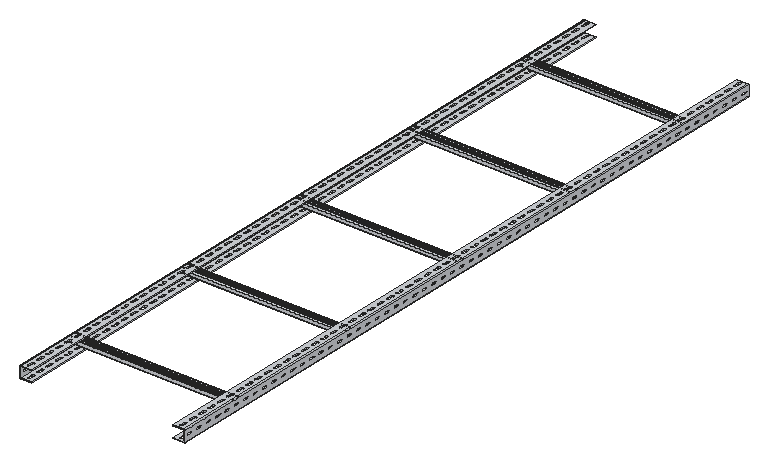
Revit family "steigeleiter_7_FT_FTSO_FTK_A2_A4.700rfa", category Generic Models, Revit 2017
Family settings
  Can host rebar = No
  Round Connector Dimension = Use Diameter
  Part Type = Normal
  Work Plane-Based = No
  Always vertical = Yes
  Cut with Voids When Loaded = No
  Shared = No
  Room Calculation Point = No
Parameters (values of type "SLM 50 C40 7 FT")
  Width 1 = Width / 2  # 350 mm
  Width = 700 mm
  URL = "http://www.obo-bettermann.com"
  Material = Hot-dip galvanised
  Manufacturer Art.No. = "6010512"
  Manufacturer = "OBO BETTERMANN"
  Length 2 = 273.5 mm
  Length = 3000 mm
  GTIN = "4012196168798"
  Cut's space 2 = 600 mm
  Cut's space = 50 mm
  Cut's number 2 = 5
  Cut's number = Length / Cut's space  # 60
  Article Type = "SLM 50 C40 7 FT"
Reference planes
  plane 1 "Center (Front/Back)": y = 0
  plane 2: z = 0
  plane 3 "Center (Left/Right)": x = 0
  plane 4: z = 50
  plane 5: y = 3000
  plane 6: x = 350
  plane 7: x = -347.5
  plane 8: x = -355
  plane 9: y = 273.5
Forms (mm)
  Extrusion 1, solid
    sketch origin (0, 0, 0) x (1, 0, 0) y (0, 0, 1)
      loop
        arc (-346, 2.5) -> (-347.061, 2.939) -> (-347.5, 4) r 1.5
        line (-347.5, 4) -> (-347.5, 46.396)
        arc (-347.5, 46.396) -> (-347.177, 47.177) -> (-346.396, 47.5) r 1.104
        line (-346.396, 47.5) -> (-300, 47.5) -> (-300, 50) -> (-347, 50)
        arc (-347, 50) -> (-349.121, 49.121) -> (-350, 47) r 3
        line (-350, 47) -> (-350, 3)
        arc (-350, 3) -> (-349.121, 0.879) -> (-347, 0) r 3
        line (-347, 0) -> (-300, 0) -> (-300, 2.5) -> (-346, 2.5)
      loop
        line (300, 50) -> (300, 47.5) -> (346, 47.5)
        arc (346, 47.5) -> (347.061, 47.061) -> (347.5, 46) r 1.5
        line (347.5, 46) -> (347.5, 4)
        arc (347.5, 4) -> (347.061, 2.939) -> (346, 2.5) r 1.5
        line (346, 2.5) -> (300, 2.5) -> (300, 0) -> (349.273, 0)
        arc (349.273, 0) -> (349.787, 0.213) -> (350, 0.727) r 0.727
        line (350, 0.727) -> (350, 47.011)
        arc (350, 47.011) -> (349.124, 49.124) -> (347.011, 50) r 2.989
        line (347.011, 50) -> (300, 50)
    from 0 to -3000
  Extrusion 2, void
    sketch origin (0, 0, 0) x (1, 0, 0) y (0, 1, 0)
      loop
        arc (-330.5, 15.5) -> (-325, 10) -> (-319.5, 15.5) r 5.5
        line (-319.5, 15.5) -> (-319.5, 34.5)
        arc (-319.5, 34.5) -> (-325, 40) -> (-330.5, 34.5) r 5.5
        line (-330.5, 34.5) -> (-330.5, 15.5)
    from 47.5 to 50
  Extrusion 3, void
    sketch origin (0, 50, 0) x (1, 0, 0) y (0, 1, 0)
      loop
        arc (-330.5, 15.5) -> (-325, 10) -> (-319.5, 15.5) r 5.5
        line (-319.5, 15.5) -> (-319.5, 34.5)
        arc (-319.5, 34.5) -> (-325, 40) -> (-330.5, 34.5) r 5.5
        line (-330.5, 34.5) -> (-330.5, 15.5)
    from 47.5 to 50
  Extrusion 4, void
    sketch origin (0, 100, 0) x (1, 0, 0) y (0, 1, 0)
      loop
        arc (-330.5, 15.5) -> (-325, 10) -> (-319.5, 15.5) r 5.5
        line (-319.5, 15.5) -> (-319.5, 34.5)
        arc (-319.5, 34.5) -> (-325, 40) -> (-330.5, 34.5) r 5.5
        line (-330.5, 34.5) -> (-330.5, 15.5)
    from 47.5 to 50
  Extrusion 5, void
    sketch origin (0, 150, 0) x (1, 0, 0) y (0, 1, 0)
      loop
        arc (-330.5, 15.5) -> (-325, 10) -> (-319.5, 15.5) r 5.5
        line (-319.5, 15.5) -> (-319.5, 34.5)
        arc (-319.5, 34.5) -> (-325, 40) -> (-330.5, 34.5) r 5.5
        line (-330.5, 34.5) -> (-330.5, 15.5)
    from 47.5 to 50
  Extrusion 6, void
    sketch origin (0, 200, 0) x (1, 0, 0) y (0, 1, 0)
      loop
        arc (-330.5, 15.5) -> (-325, 10) -> (-319.5, 15.5) r 5.5
        line (-319.5, 15.5) -> (-319.5, 34.5)
        arc (-319.5, 34.5) -> (-325, 40) -> (-330.5, 34.5) r 5.5
        line (-330.5, 34.5) -> (-330.5, 15.5)
    from 47.5 to 50
  Extrusion 7, void
    sketch origin (0, 250, 0) x (1, 0, 0) y (0, 1, 0)
      loop
        arc (-330.5, 15.5) -> (-325, 10) -> (-319.5, 15.5) r 5.5
        line (-319.5, 15.5) -> (-319.5, 34.5)
        arc (-319.5, 34.5) -> (-325, 40) -> (-330.5, 34.5) r 5.5
        line (-330.5, 34.5) -> (-330.5, 15.5)
    from 47.5 to 50
  Extrusion 8, void
    sketch origin (0, 300, 0) x (1, 0, 0) y (0, 1, 0)
      loop
        arc (-330.5, 15.5) -> (-325, 10) -> (-319.5, 15.5) r 5.5
        line (-319.5, 15.5) -> (-319.5, 34.5)
        arc (-319.5, 34.5) -> (-325, 40) -> (-330.5, 34.5) r 5.5
        line (-330.5, 34.5) -> (-330.5, 15.5)
    from 47.5 to 50
  Extrusion 9, void
    sketch origin (0, 350, 0) x (1, 0, 0) y (0, 1, 0)
      loop
        arc (-330.5, 15.5) -> (-325, 10) -> (-319.5, 15.5) r 5.5
        line (-319.5, 15.5) -> (-319.5, 34.5)
        arc (-319.5, 34.5) -> (-325, 40) -> (-330.5, 34.5) r 5.5
        line (-330.5, 34.5) -> (-330.5, 15.5)
    from 47.5 to 50
  Extrusion 10, void
    sketch origin (0, 400, 0) x (1, 0, 0) y (0, 1, 0)
      loop
        arc (-330.5, 15.5) -> (-325, 10) -> (-319.5, 15.5) r 5.5
        line (-319.5, 15.5) -> (-319.5, 34.5)
        arc (-319.5, 34.5) -> (-325, 40) -> (-330.5, 34.5) r 5.5
        line (-330.5, 34.5) -> (-330.5, 15.5)
    from 47.5 to 50
  Extrusion 11, void
    sketch origin (0, 450, 0) x (1, 0, 0) y (0, 1, 0)
      loop
        arc (-330.5, 15.5) -> (-325, 10) -> (-319.5, 15.5) r 5.5
        line (-319.5, 15.5) -> (-319.5, 34.5)
        arc (-319.5, 34.5) -> (-325, 40) -> (-330.5, 34.5) r 5.5
        line (-330.5, 34.5) -> (-330.5, 15.5)
    from 47.5 to 50
  Extrusion 12, void
    sketch origin (0, 500, 0) x (1, 0, 0) y (0, 1, 0)
      loop
        arc (-330.5, 15.5) -> (-325, 10) -> (-319.5, 15.5) r 5.5
        line (-319.5, 15.5) -> (-319.5, 34.5)
        arc (-319.5, 34.5) -> (-325, 40) -> (-330.5, 34.5) r 5.5
        line (-330.5, 34.5) -> (-330.5, 15.5)
    from 47.5 to 50
  Extrusion 13, void
    sketch origin (0, 550, 0) x (1, 0, 0) y (0, 1, 0)
      loop
        arc (-330.5, 15.5) -> (-325, 10) -> (-319.5, 15.5) r 5.5
        line (-319.5, 15.5) -> (-319.5, 34.5)
        arc (-319.5, 34.5) -> (-325, 40) -> (-330.5, 34.5) r 5.5
        line (-330.5, 34.5) -> (-330.5, 15.5)
    from 47.5 to 50
  Extrusion 14, void
    sketch origin (0, 600, 0) x (1, 0, 0) y (0, 1, 0)
      loop
        arc (-330.5, 15.5) -> (-325, 10) -> (-319.5, 15.5) r 5.5
        line (-319.5, 15.5) -> (-319.5, 34.5)
        arc (-319.5, 34.5) -> (-325, 40) -> (-330.5, 34.5) r 5.5
        line (-330.5, 34.5) -> (-330.5, 15.5)
    from 47.5 to 50
  Extrusion 15, void
    sketch origin (0, 650, 0) x (1, 0, 0) y (0, 1, 0)
      loop
        arc (-330.5, 15.5) -> (-325, 10) -> (-319.5, 15.5) r 5.5
        line (-319.5, 15.5) -> (-319.5, 34.5)
        arc (-319.5, 34.5) -> (-325, 40) -> (-330.5, 34.5) r 5.5
        line (-330.5, 34.5) -> (-330.5, 15.5)
    from 47.5 to 50
  Extrusion 16, void
    sketch origin (0, 700, 0) x (1, 0, 0) y (0, 1, 0)
      loop
        arc (-330.5, 15.5) -> (-325, 10) -> (-319.5, 15.5) r 5.5
        line (-319.5, 15.5) -> (-319.5, 34.5)
        arc (-319.5, 34.5) -> (-325, 40) -> (-330.5, 34.5) r 5.5
        line (-330.5, 34.5) -> (-330.5, 15.5)
    from 47.5 to 50
  Extrusion 17, void
    sketch origin (0, 750, 0) x (1, 0, 0) y (0, 1, 0)
      loop
        arc (-330.5, 15.5) -> (-325, 10) -> (-319.5, 15.5) r 5.5
        line (-319.5, 15.5) -> (-319.5, 34.5)
        arc (-319.5, 34.5) -> (-325, 40) -> (-330.5, 34.5) r 5.5
        line (-330.5, 34.5) -> (-330.5, 15.5)
    from 47.5 to 50
  Extrusion 18, void
    sketch origin (0, 800, 0) x (1, 0, 0) y (0, 1, 0)
      loop
        arc (-330.5, 15.5) -> (-325, 10) -> (-319.5, 15.5) r 5.5
        line (-319.5, 15.5) -> (-319.5, 34.5)
        arc (-319.5, 34.5) -> (-325, 40) -> (-330.5, 34.5) r 5.5
        line (-330.5, 34.5) -> (-330.5, 15.5)
    from 47.5 to 50
  Extrusion 19, void
    sketch origin (0, 850, 0) x (1, 0, 0) y (0, 1, 0)
      loop
        arc (-330.5, 15.5) -> (-325, 10) -> (-319.5, 15.5) r 5.5
        line (-319.5, 15.5) -> (-319.5, 34.5)
        arc (-319.5, 34.5) -> (-325, 40) -> (-330.5, 34.5) r 5.5
        line (-330.5, 34.5) -> (-330.5, 15.5)
    from 47.5 to 50
  Extrusion 20, void
    sketch origin (0, 900, 0) x (1, 0, 0) y (0, 1, 0)
      loop
        arc (-330.5, 15.5) -> (-325, 10) -> (-319.5, 15.5) r 5.5
        line (-319.5, 15.5) -> (-319.5, 34.5)
        arc (-319.5, 34.5) -> (-325, 40) -> (-330.5, 34.5) r 5.5
        line (-330.5, 34.5) -> (-330.5, 15.5)
    from 47.5 to 50
  Extrusion 21, void
    sketch origin (0, 950, 0) x (1, 0, 0) y (0, 1, 0)
      loop
        arc (-330.5, 15.5) -> (-325, 10) -> (-319.5, 15.5) r 5.5
        line (-319.5, 15.5) -> (-319.5, 34.5)
        arc (-319.5, 34.5) -> (-325, 40) -> (-330.5, 34.5) r 5.5
        line (-330.5, 34.5) -> (-330.5, 15.5)
    from 47.5 to 50
  Extrusion 22, void
    sketch origin (0, 1000, 0) x (1, 0, 0) y (0, 1, 0)
      loop
        arc (-330.5, 15.5) -> (-325, 10) -> (-319.5, 15.5) r 5.5
        line (-319.5, 15.5) -> (-319.5, 34.5)
        arc (-319.5, 34.5) -> (-325, 40) -> (-330.5, 34.5) r 5.5
        line (-330.5, 34.5) -> (-330.5, 15.5)
    from 47.5 to 50
  Extrusion 23, void
    sketch origin (0, 1050, 0) x (1, 0, 0) y (0, 1, 0)
      loop
        arc (-330.5, 15.5) -> (-325, 10) -> (-319.5, 15.5) r 5.5
        line (-319.5, 15.5) -> (-319.5, 34.5)
        arc (-319.5, 34.5) -> (-325, 40) -> (-330.5, 34.5) r 5.5
        line (-330.5, 34.5) -> (-330.5, 15.5)
    from 47.5 to 50
  Extrusion 24, void
    sketch origin (0, 1100, 0) x (1, 0, 0) y (0, 1, 0)
      loop
        arc (-330.5, 15.5) -> (-325, 10) -> (-319.5, 15.5) r 5.5
        line (-319.5, 15.5) -> (-319.5, 34.5)
        arc (-319.5, 34.5) -> (-325, 40) -> (-330.5, 34.5) r 5.5
        line (-330.5, 34.5) -> (-330.5, 15.5)
    from 47.5 to 50
  Extrusion 25, void
    sketch origin (0, 1150, 0) x (1, 0, 0) y (0, 1, 0)
      loop
        arc (-330.5, 15.5) -> (-325, 10) -> (-319.5, 15.5) r 5.5
        line (-319.5, 15.5) -> (-319.5, 34.5)
        arc (-319.5, 34.5) -> (-325, 40) -> (-330.5, 34.5) r 5.5
        line (-330.5, 34.5) -> (-330.5, 15.5)
    from 47.5 to 50
  Extrusion 26, void
    sketch origin (0, 1200, 0) x (1, 0, 0) y (0, 1, 0)
      loop
        arc (-330.5, 15.5) -> (-325, 10) -> (-319.5, 15.5) r 5.5
        line (-319.5, 15.5) -> (-319.5, 34.5)
        arc (-319.5, 34.5) -> (-325, 40) -> (-330.5, 34.5) r 5.5
        line (-330.5, 34.5) -> (-330.5, 15.5)
    from 47.5 to 50
  Extrusion 27, void
    sketch origin (0, 1250, 0) x (1, 0, 0) y (0, 1, 0)
      loop
        arc (-330.5, 15.5) -> (-325, 10) -> (-319.5, 15.5) r 5.5
        line (-319.5, 15.5) -> (-319.5, 34.5)
        arc (-319.5, 34.5) -> (-325, 40) -> (-330.5, 34.5) r 5.5
        line (-330.5, 34.5) -> (-330.5, 15.5)
    from 47.5 to 50
  Extrusion 28, void
    sketch origin (0, 1300, 0) x (1, 0, 0) y (0, 1, 0)
      loop
        arc (-330.5, 15.5) -> (-325, 10) -> (-319.5, 15.5) r 5.5
        line (-319.5, 15.5) -> (-319.5, 34.5)
        arc (-319.5, 34.5) -> (-325, 40) -> (-330.5, 34.5) r 5.5
        line (-330.5, 34.5) -> (-330.5, 15.5)
    from 47.5 to 50
  Extrusion 29, void
    sketch origin (0, 1350, 0) x (1, 0, 0) y (0, 1, 0)
      loop
        arc (-330.5, 15.5) -> (-325, 10) -> (-319.5, 15.5) r 5.5
        line (-319.5, 15.5) -> (-319.5, 34.5)
        arc (-319.5, 34.5) -> (-325, 40) -> (-330.5, 34.5) r 5.5
        line (-330.5, 34.5) -> (-330.5, 15.5)
    from 47.5 to 50
  Extrusion 30, void
    sketch origin (0, 1400, 0) x (1, 0, 0) y (0, 1, 0)
      loop
        arc (-330.5, 15.5) -> (-325, 10) -> (-319.5, 15.5) r 5.5
        line (-319.5, 15.5) -> (-319.5, 34.5)
        arc (-319.5, 34.5) -> (-325, 40) -> (-330.5, 34.5) r 5.5
        line (-330.5, 34.5) -> (-330.5, 15.5)
    from 47.5 to 50
  Extrusion 31, void
    sketch origin (0, 1450, 0) x (1, 0, 0) y (0, 1, 0)
      loop
        arc (-330.5, 15.5) -> (-325, 10) -> (-319.5, 15.5) r 5.5
        line (-319.5, 15.5) -> (-319.5, 34.5)
        arc (-319.5, 34.5) -> (-325, 40) -> (-330.5, 34.5) r 5.5
        line (-330.5, 34.5) -> (-330.5, 15.5)
    from 47.5 to 50
  Extrusion 32, void
    sketch origin (0, 1500, 0) x (1, 0, 0) y (0, 1, 0)
      loop
        arc (-330.5, 15.5) -> (-325, 10) -> (-319.5, 15.5) r 5.5
        line (-319.5, 15.5) -> (-319.5, 34.5)
        arc (-319.5, 34.5) -> (-325, 40) -> (-330.5, 34.5) r 5.5
        line (-330.5, 34.5) -> (-330.5, 15.5)
    from 47.5 to 50
  Extrusion 33, void
    sketch origin (0, 1550, 0) x (1, 0, 0) y (0, 1, 0)
      loop
        arc (-330.5, 15.5) -> (-325, 10) -> (-319.5, 15.5) r 5.5
        line (-319.5, 15.5) -> (-319.5, 34.5)
        arc (-319.5, 34.5) -> (-325, 40) -> (-330.5, 34.5) r 5.5
        line (-330.5, 34.5) -> (-330.5, 15.5)
    from 47.5 to 50
  Extrusion 34, void
    sketch origin (0, 1600, 0) x (1, 0, 0) y (0, 1, 0)
      loop
        arc (-330.5, 15.5) -> (-325, 10) -> (-319.5, 15.5) r 5.5
        line (-319.5, 15.5) -> (-319.5, 34.5)
        arc (-319.5, 34.5) -> (-325, 40) -> (-330.5, 34.5) r 5.5
        line (-330.5, 34.5) -> (-330.5, 15.5)
    from 47.5 to 50
  Extrusion 35, void
    sketch origin (0, 1650, 0) x (1, 0, 0) y (0, 1, 0)
      loop
        arc (-330.5, 15.5) -> (-325, 10) -> (-319.5, 15.5) r 5.5
        line (-319.5, 15.5) -> (-319.5, 34.5)
        arc (-319.5, 34.5) -> (-325, 40) -> (-330.5, 34.5) r 5.5
        line (-330.5, 34.5) -> (-330.5, 15.5)
    from 47.5 to 50
  Extrusion 36, void
    sketch origin (0, 1700, 0) x (1, 0, 0) y (0, 1, 0)
      loop
        arc (-330.5, 15.5) -> (-325, 10) -> (-319.5, 15.5) r 5.5
        line (-319.5, 15.5) -> (-319.5, 34.5)
        arc (-319.5, 34.5) -> (-325, 40) -> (-330.5, 34.5) r 5.5
        line (-330.5, 34.5) -> (-330.5, 15.5)
    from 47.5 to 50
  Extrusion 37, void
    sketch origin (0, 1750, 0) x (1, 0, 0) y (0, 1, 0)
      loop
        arc (-330.5, 15.5) -> (-325, 10) -> (-319.5, 15.5) r 5.5
        line (-319.5, 15.5) -> (-319.5, 34.5)
        arc (-319.5, 34.5) -> (-325, 40) -> (-330.5, 34.5) r 5.5
        line (-330.5, 34.5) -> (-330.5, 15.5)
    from 47.5 to 50
  Extrusion 38, void
    sketch origin (0, 1800, 0) x (1, 0, 0) y (0, 1, 0)
      loop
        arc (-330.5, 15.5) -> (-325, 10) -> (-319.5, 15.5) r 5.5
        line (-319.5, 15.5) -> (-319.5, 34.5)
        arc (-319.5, 34.5) -> (-325, 40) -> (-330.5, 34.5) r 5.5
        line (-330.5, 34.5) -> (-330.5, 15.5)
    from 47.5 to 50
  Extrusion 39, void
    sketch origin (0, 1850, 0) x (1, 0, 0) y (0, 1, 0)
      loop
        arc (-330.5, 15.5) -> (-325, 10) -> (-319.5, 15.5) r 5.5
        line (-319.5, 15.5) -> (-319.5, 34.5)
        arc (-319.5, 34.5) -> (-325, 40) -> (-330.5, 34.5) r 5.5
        line (-330.5, 34.5) -> (-330.5, 15.5)
    from 47.5 to 50
  Extrusion 40, void
    sketch origin (0, 1900, 0) x (1, 0, 0) y (0, 1, 0)
      loop
        arc (-330.5, 15.5) -> (-325, 10) -> (-319.5, 15.5) r 5.5
        line (-319.5, 15.5) -> (-319.5, 34.5)
        arc (-319.5, 34.5) -> (-325, 40) -> (-330.5, 34.5) r 5.5
        line (-330.5, 34.5) -> (-330.5, 15.5)
    from 47.5 to 50
  Extrusion 41, void
    sketch origin (0, 1950, 0) x (1, 0, 0) y (0, 1, 0)
      loop
        arc (-330.5, 15.5) -> (-325, 10) -> (-319.5, 15.5) r 5.5
        line (-319.5, 15.5) -> (-319.5, 34.5)
        arc (-319.5, 34.5) -> (-325, 40) -> (-330.5, 34.5) r 5.5
        line (-330.5, 34.5) -> (-330.5, 15.5)
    from 47.5 to 50
  Extrusion 42, void
    sketch origin (0, 2000, 0) x (1, 0, 0) y (0, 1, 0)
      loop
        arc (-330.5, 15.5) -> (-325, 10) -> (-319.5, 15.5) r 5.5
        line (-319.5, 15.5) -> (-319.5, 34.5)
        arc (-319.5, 34.5) -> (-325, 40) -> (-330.5, 34.5) r 5.5
        line (-330.5, 34.5) -> (-330.5, 15.5)
    from 47.5 to 50
  Extrusion 43, void
    sketch origin (0, 2050, 0) x (1, 0, 0) y (0, 1, 0)
      loop
        arc (-330.5, 15.5) -> (-325, 10) -> (-319.5, 15.5) r 5.5
        line (-319.5, 15.5) -> (-319.5, 34.5)
        arc (-319.5, 34.5) -> (-325, 40) -> (-330.5, 34.5) r 5.5
        line (-330.5, 34.5) -> (-330.5, 15.5)
    from 47.5 to 50
  Extrusion 44, void
    sketch origin (0, 2100, 0) x (1, 0, 0) y (0, 1, 0)
      loop
        arc (-330.5, 15.5) -> (-325, 10) -> (-319.5, 15.5) r 5.5
        line (-319.5, 15.5) -> (-319.5, 34.5)
        arc (-319.5, 34.5) -> (-325, 40) -> (-330.5, 34.5) r 5.5
        line (-330.5, 34.5) -> (-330.5, 15.5)
    from 47.5 to 50
  Extrusion 45, void
    sketch origin (0, 2150, 0) x (1, 0, 0) y (0, 1, 0)
      loop
        arc (-330.5, 15.5) -> (-325, 10) -> (-319.5, 15.5) r 5.5
        line (-319.5, 15.5) -> (-319.5, 34.5)
        arc (-319.5, 34.5) -> (-325, 40) -> (-330.5, 34.5) r 5.5
        line (-330.5, 34.5) -> (-330.5, 15.5)
    from 47.5 to 50
  Extrusion 46, void
    sketch origin (0, 2200, 0) x (1, 0, 0) y (0, 1, 0)
      loop
        arc (-330.5, 15.5) -> (-325, 10) -> (-319.5, 15.5) r 5.5
        line (-319.5, 15.5) -> (-319.5, 34.5)
        arc (-319.5, 34.5) -> (-325, 40) -> (-330.5, 34.5) r 5.5
        line (-330.5, 34.5) -> (-330.5, 15.5)
    from 47.5 to 50
  Extrusion 47, void
    sketch origin (0, 2250, 0) x (1, 0, 0) y (0, 1, 0)
      loop
        arc (-330.5, 15.5) -> (-325, 10) -> (-319.5, 15.5) r 5.5
        line (-319.5, 15.5) -> (-319.5, 34.5)
        arc (-319.5, 34.5) -> (-325, 40) -> (-330.5, 34.5) r 5.5
        line (-330.5, 34.5) -> (-330.5, 15.5)
    from 47.5 to 50
  Extrusion 48, void
    sketch origin (0, 2300, 0) x (1, 0, 0) y (0, 1, 0)
      loop
        arc (-330.5, 15.5) -> (-325, 10) -> (-319.5, 15.5) r 5.5
        line (-319.5, 15.5) -> (-319.5, 34.5)
        arc (-319.5, 34.5) -> (-325, 40) -> (-330.5, 34.5) r 5.5
        line (-330.5, 34.5) -> (-330.5, 15.5)
    from 47.5 to 50
  Extrusion 49, void
    sketch origin (0, 2350, 0) x (1, 0, 0) y (0, 1, 0)
      loop
        arc (-330.5, 15.5) -> (-325, 10) -> (-319.5, 15.5) r 5.5
        line (-319.5, 15.5) -> (-319.5, 34.5)
        arc (-319.5, 34.5) -> (-325, 40) -> (-330.5, 34.5) r 5.5
        line (-330.5, 34.5) -> (-330.5, 15.5)
    from 47.5 to 50
  Extrusion 50, void
    sketch origin (0, 2400, 0) x (1, 0, 0) y (0, 1, 0)
      loop
        arc (-330.5, 15.5) -> (-325, 10) -> (-319.5, 15.5) r 5.5
        line (-319.5, 15.5) -> (-319.5, 34.5)
        arc (-319.5, 34.5) -> (-325, 40) -> (-330.5, 34.5) r 5.5
        line (-330.5, 34.5) -> (-330.5, 15.5)
    from 47.5 to 50
  Extrusion 51, void
    sketch origin (0, 2450, 0) x (1, 0, 0) y (0, 1, 0)
      loop
        arc (-330.5, 15.5) -> (-325, 10) -> (-319.5, 15.5) r 5.5
        line (-319.5, 15.5) -> (-319.5, 34.5)
        arc (-319.5, 34.5) -> (-325, 40) -> (-330.5, 34.5) r 5.5
        line (-330.5, 34.5) -> (-330.5, 15.5)
    from 47.5 to 50
  Extrusion 52, void
    sketch origin (0, 2500, 0) x (1, 0, 0) y (0, 1, 0)
      loop
        arc (-330.5, 15.5) -> (-325, 10) -> (-319.5, 15.5) r 5.5
        line (-319.5, 15.5) -> (-319.5, 34.5)
        arc (-319.5, 34.5) -> (-325, 40) -> (-330.5, 34.5) r 5.5
        line (-330.5, 34.5) -> (-330.5, 15.5)
    from 47.5 to 50
  Extrusion 53, void
    sketch origin (0, 2550, 0) x (1, 0, 0) y (0, 1, 0)
      loop
        arc (-330.5, 15.5) -> (-325, 10) -> (-319.5, 15.5) r 5.5
        line (-319.5, 15.5) -> (-319.5, 34.5)
        arc (-319.5, 34.5) -> (-325, 40) -> (-330.5, 34.5) r 5.5
        line (-330.5, 34.5) -> (-330.5, 15.5)
    from 47.5 to 50
  Extrusion 54, void
    sketch origin (0, 2600, 0) x (1, 0, 0) y (0, 1, 0)
      loop
        arc (-330.5, 15.5) -> (-325, 10) -> (-319.5, 15.5) r 5.5
        line (-319.5, 15.5) -> (-319.5, 34.5)
        arc (-319.5, 34.5) -> (-325, 40) -> (-330.5, 34.5) r 5.5
        line (-330.5, 34.5) -> (-330.5, 15.5)
    from 47.5 to 50
  Extrusion 55, void
    sketch origin (0, 2650, 0) x (1, 0, 0) y (0, 1, 0)
      loop
        arc (-330.5, 15.5) -> (-325, 10) -> (-319.5, 15.5) r 5.5
        line (-319.5, 15.5) -> (-319.5, 34.5)
        arc (-319.5, 34.5) -> (-325, 40) -> (-330.5, 34.5) r 5.5
        line (-330.5, 34.5) -> (-330.5, 15.5)
    from 47.5 to 50
  Extrusion 56, void
    sketch origin (0, 2700, 0) x (1, 0, 0) y (0, 1, 0)
      loop
        arc (-330.5, 15.5) -> (-325, 10) -> (-319.5, 15.5) r 5.5
        line (-319.5, 15.5) -> (-319.5, 34.5)
        arc (-319.5, 34.5) -> (-325, 40) -> (-330.5, 34.5) r 5.5
        line (-330.5, 34.5) -> (-330.5, 15.5)
    from 47.5 to 50
  Extrusion 57, void
    sketch origin (0, 2750, 0) x (1, 0, 0) y (0, 1, 0)
      loop
        arc (-330.5, 15.5) -> (-325, 10) -> (-319.5, 15.5) r 5.5
        line (-319.5, 15.5) -> (-319.5, 34.5)
        arc (-319.5, 34.5) -> (-325, 40) -> (-330.5, 34.5) r 5.5
        line (-330.5, 34.5) -> (-330.5, 15.5)
    from 47.5 to 50
  Extrusion 58, void
    sketch origin (0, 2800, 0) x (1, 0, 0) y (0, 1, 0)
      loop
        arc (-330.5, 15.5) -> (-325, 10) -> (-319.5, 15.5) r 5.5
        line (-319.5, 15.5) -> (-319.5, 34.5)
        arc (-319.5, 34.5) -> (-325, 40) -> (-330.5, 34.5) r 5.5
        line (-330.5, 34.5) -> (-330.5, 15.5)
    from 47.5 to 50
  Extrusion 59, void
    sketch origin (0, 2850, 0) x (1, 0, 0) y (0, 1, 0)
      loop
        arc (-330.5, 15.5) -> (-325, 10) -> (-319.5, 15.5) r 5.5
        line (-319.5, 15.5) -> (-319.5, 34.5)
        arc (-319.5, 34.5) -> (-325, 40) -> (-330.5, 34.5) r 5.5
        line (-330.5, 34.5) -> (-330.5, 15.5)
    from 47.5 to 50
  Extrusion 60, void
    sketch origin (0, 2900, 0) x (1, 0, 0) y (0, 1, 0)
      loop
        arc (-330.5, 15.5) -> (-325, 10) -> (-319.5, 15.5) r 5.5
        line (-319.5, 15.5) -> (-319.5, 34.5)
        arc (-319.5, 34.5) -> (-325, 40) -> (-330.5, 34.5) r 5.5
        line (-330.5, 34.5) -> (-330.5, 15.5)
    from 47.5 to 50
  Extrusion 61, void
    sketch origin (0, 2950, 0) x (1, 0, 0) y (0, 1, 0)
      loop
        arc (-330.5, 15.5) -> (-325, 10) -> (-319.5, 15.5) r 5.5
        line (-319.5, 15.5) -> (-319.5, 34.5)
        arc (-319.5, 34.5) -> (-325, 40) -> (-330.5, 34.5) r 5.5
        line (-330.5, 34.5) -> (-330.5, 15.5)
    from 47.5 to 50
  Extrusion 62, void
    sketch origin (0, 0, 0) x (1, 0, 0) y (0, 1, 0)
      loop
        arc (319.5, 15.5) -> (325, 10) -> (330.5, 15.5) r 5.5
        line (330.5, 15.5) -> (330.5, 34.5)
        arc (330.5, 34.5) -> (325, 40) -> (319.5, 34.5) r 5.5
        line (319.5, 34.5) -> (319.5, 15.5)
    from 47.5 to 50
  Extrusion 63, void
    sketch origin (0, 0, 0) x (1, 0, 0) y (0, 1, 0)
      loop
        arc (-330.5, 15.5) -> (-325, 10) -> (-319.5, 15.5) r 5.5
        line (-319.5, 15.5) -> (-319.5, 34.5)
        arc (-319.5, 34.5) -> (-325, 40) -> (-330.5, 34.5) r 5.5
        line (-330.5, 34.5) -> (-330.5, 15.5)
    from 0 to 2.5
  Extrusion 64, void
    sketch origin (0, 50, 0) x (1, 0, 0) y (0, 1, 0)
      loop
        arc (-330.5, 15.5) -> (-325, 10) -> (-319.5, 15.5) r 5.5
        line (-319.5, 15.5) -> (-319.5, 34.5)
        arc (-319.5, 34.5) -> (-325, 40) -> (-330.5, 34.5) r 5.5
        line (-330.5, 34.5) -> (-330.5, 15.5)
    from 0 to 2.5
  Extrusion 65, void
    sketch origin (0, 100, 0) x (1, 0, 0) y (0, 1, 0)
      loop
        arc (-330.5, 15.5) -> (-325, 10) -> (-319.5, 15.5) r 5.5
        line (-319.5, 15.5) -> (-319.5, 34.5)
        arc (-319.5, 34.5) -> (-325, 40) -> (-330.5, 34.5) r 5.5
        line (-330.5, 34.5) -> (-330.5, 15.5)
    from 0 to 2.5
  Extrusion 66, void
    sketch origin (0, 150, 0) x (1, 0, 0) y (0, 1, 0)
      loop
        arc (-330.5, 15.5) -> (-325, 10) -> (-319.5, 15.5) r 5.5
        line (-319.5, 15.5) -> (-319.5, 34.5)
        arc (-319.5, 34.5) -> (-325, 40) -> (-330.5, 34.5) r 5.5
        line (-330.5, 34.5) -> (-330.5, 15.5)
    from 0 to 2.5
  Extrusion 67, void
    sketch origin (0, 200, 0) x (1, 0, 0) y (0, 1, 0)
      loop
        arc (-330.5, 15.5) -> (-325, 10) -> (-319.5, 15.5) r 5.5
        line (-319.5, 15.5) -> (-319.5, 34.5)
        arc (-319.5, 34.5) -> (-325, 40) -> (-330.5, 34.5) r 5.5
        line (-330.5, 34.5) -> (-330.5, 15.5)
    from 0 to 2.5
  Extrusion 68, void
    sketch origin (0, 250, 0) x (1, 0, 0) y (0, 1, 0)
      loop
        arc (-330.5, 15.5) -> (-325, 10) -> (-319.5, 15.5) r 5.5
        line (-319.5, 15.5) -> (-319.5, 34.5)
        arc (-319.5, 34.5) -> (-325, 40) -> (-330.5, 34.5) r 5.5
        line (-330.5, 34.5) -> (-330.5, 15.5)
    from 0 to 2.5
  Extrusion 69, void
    sketch origin (0, 300, 0) x (1, 0, 0) y (0, 1, 0)
      loop
        arc (-330.5, 15.5) -> (-325, 10) -> (-319.5, 15.5) r 5.5
        line (-319.5, 15.5) -> (-319.5, 34.5)
        arc (-319.5, 34.5) -> (-325, 40) -> (-330.5, 34.5) r 5.5
        line (-330.5, 34.5) -> (-330.5, 15.5)
    from 0 to 2.5
  Extrusion 70, void
    sketch origin (0, 350, 0) x (1, 0, 0) y (0, 1, 0)
      loop
        arc (-330.5, 15.5) -> (-325, 10) -> (-319.5, 15.5) r 5.5
        line (-319.5, 15.5) -> (-319.5, 34.5)
        arc (-319.5, 34.5) -> (-325, 40) -> (-330.5, 34.5) r 5.5
        line (-330.5, 34.5) -> (-330.5, 15.5)
    from 0 to 2.5
  Extrusion 71, void
    sketch origin (0, 400, 0) x (1, 0, 0) y (0, 1, 0)
      loop
        arc (-330.5, 15.5) -> (-325, 10) -> (-319.5, 15.5) r 5.5
        line (-319.5, 15.5) -> (-319.5, 34.5)
        arc (-319.5, 34.5) -> (-325, 40) -> (-330.5, 34.5) r 5.5
        line (-330.5, 34.5) -> (-330.5, 15.5)
    from 0 to 2.5
  Extrusion 72, void
    sketch origin (0, 450, 0) x (1, 0, 0) y (0, 1, 0)
      loop
        arc (-330.5, 15.5) -> (-325, 10) -> (-319.5, 15.5) r 5.5
        line (-319.5, 15.5) -> (-319.5, 34.5)
        arc (-319.5, 34.5) -> (-325, 40) -> (-330.5, 34.5) r 5.5
        line (-330.5, 34.5) -> (-330.5, 15.5)
    from 0 to 2.5
  Extrusion 73, void
    sketch origin (0, 500, 0) x (1, 0, 0) y (0, 1, 0)
      loop
        arc (-330.5, 15.5) -> (-325, 10) -> (-319.5, 15.5) r 5.5
        line (-319.5, 15.5) -> (-319.5, 34.5)
        arc (-319.5, 34.5) -> (-325, 40) -> (-330.5, 34.5) r 5.5
        line (-330.5, 34.5) -> (-330.5, 15.5)
    from 0 to 2.5
  Extrusion 74, void
    sketch origin (0, 550, 0) x (1, 0, 0) y (0, 1, 0)
      loop
        arc (-330.5, 15.5) -> (-325, 10) -> (-319.5, 15.5) r 5.5
        line (-319.5, 15.5) -> (-319.5, 34.5)
        arc (-319.5, 34.5) -> (-325, 40) -> (-330.5, 34.5) r 5.5
        line (-330.5, 34.5) -> (-330.5, 15.5)
    from 0 to 2.5
  Extrusion 75, void
    sketch origin (0, 600, 0) x (1, 0, 0) y (0, 1, 0)
      loop
        arc (-330.5, 15.5) -> (-325, 10) -> (-319.5, 15.5) r 5.5
        line (-319.5, 15.5) -> (-319.5, 34.5)
        arc (-319.5, 34.5) -> (-325, 40) -> (-330.5, 34.5) r 5.5
        line (-330.5, 34.5) -> (-330.5, 15.5)
    from 0 to 2.5
  Extrusion 76, void
    sketch origin (0, 650, 0) x (1, 0, 0) y (0, 1, 0)
      loop
        arc (-330.5, 15.5) -> (-325, 10) -> (-319.5, 15.5) r 5.5
        line (-319.5, 15.5) -> (-319.5, 34.5)
        arc (-319.5, 34.5) -> (-325, 40) -> (-330.5, 34.5) r 5.5
        line (-330.5, 34.5) -> (-330.5, 15.5)
    from 0 to 2.5
  Extrusion 77, void
    sketch origin (0, 700, 0) x (1, 0, 0) y (0, 1, 0)
      loop
        arc (-330.5, 15.5) -> (-325, 10) -> (-319.5, 15.5) r 5.5
        line (-319.5, 15.5) -> (-319.5, 34.5)
        arc (-319.5, 34.5) -> (-325, 40) -> (-330.5, 34.5) r 5.5
        line (-330.5, 34.5) -> (-330.5, 15.5)
    from 0 to 2.5
  Extrusion 78, void
    sketch origin (0, 750, 0) x (1, 0, 0) y (0, 1, 0)
      loop
        arc (-330.5, 15.5) -> (-325, 10) -> (-319.5, 15.5) r 5.5
        line (-319.5, 15.5) -> (-319.5, 34.5)
        arc (-319.5, 34.5) -> (-325, 40) -> (-330.5, 34.5) r 5.5
        line (-330.5, 34.5) -> (-330.5, 15.5)
    from 0 to 2.5
  Extrusion 79, void
    sketch origin (0, 800, 0) x (1, 0, 0) y (0, 1, 0)
      loop
        arc (-330.5, 15.5) -> (-325, 10) -> (-319.5, 15.5) r 5.5
        line (-319.5, 15.5) -> (-319.5, 34.5)
        arc (-319.5, 34.5) -> (-325, 40) -> (-330.5, 34.5) r 5.5
        line (-330.5, 34.5) -> (-330.5, 15.5)
    from 0 to 2.5
  Extrusion 80, void
    sketch origin (0, 850, 0) x (1, 0, 0) y (0, 1, 0)
      loop
        arc (-330.5, 15.5) -> (-325, 10) -> (-319.5, 15.5) r 5.5
        line (-319.5, 15.5) -> (-319.5, 34.5)
        arc (-319.5, 34.5) -> (-325, 40) -> (-330.5, 34.5) r 5.5
        line (-330.5, 34.5) -> (-330.5, 15.5)
    from 0 to 2.5
  Extrusion 81, void
    sketch origin (0, 900, 0) x (1, 0, 0) y (0, 1, 0)
      loop
        arc (-330.5, 15.5) -> (-325, 10) -> (-319.5, 15.5) r 5.5
        line (-319.5, 15.5) -> (-319.5, 34.5)
        arc (-319.5, 34.5) -> (-325, 40) -> (-330.5, 34.5) r 5.5
        line (-330.5, 34.5) -> (-330.5, 15.5)
    from 0 to 2.5
  Extrusion 82, void
    sketch origin (0, 950, 0) x (1, 0, 0) y (0, 1, 0)
      loop
        arc (-330.5, 15.5) -> (-325, 10) -> (-319.5, 15.5) r 5.5
        line (-319.5, 15.5) -> (-319.5, 34.5)
        arc (-319.5, 34.5) -> (-325, 40) -> (-330.5, 34.5) r 5.5
        line (-330.5, 34.5) -> (-330.5, 15.5)
    from 0 to 2.5
  Extrusion 83, void
    sketch origin (0, 1000, 0) x (1, 0, 0) y (0, 1, 0)
      loop
        arc (-330.5, 15.5) -> (-325, 10) -> (-319.5, 15.5) r 5.5
        line (-319.5, 15.5) -> (-319.5, 34.5)
        arc (-319.5, 34.5) -> (-325, 40) -> (-330.5, 34.5) r 5.5
        line (-330.5, 34.5) -> (-330.5, 15.5)
    from 0 to 2.5
  Extrusion 84, void
    sketch origin (0, 1050, 0) x (1, 0, 0) y (0, 1, 0)
      loop
        arc (-330.5, 15.5) -> (-325, 10) -> (-319.5, 15.5) r 5.5
        line (-319.5, 15.5) -> (-319.5, 34.5)
        arc (-319.5, 34.5) -> (-325, 40) -> (-330.5, 34.5) r 5.5
        line (-330.5, 34.5) -> (-330.5, 15.5)
    from 0 to 2.5
  Extrusion 85, void
    sketch origin (0, 1100, 0) x (1, 0, 0) y (0, 1, 0)
      loop
        arc (-330.5, 15.5) -> (-325, 10) -> (-319.5, 15.5) r 5.5
        line (-319.5, 15.5) -> (-319.5, 34.5)
        arc (-319.5, 34.5) -> (-325, 40) -> (-330.5, 34.5) r 5.5
        line (-330.5, 34.5) -> (-330.5, 15.5)
    from 0 to 2.5
  Extrusion 86, void
    sketch origin (0, 1150, 0) x (1, 0, 0) y (0, 1, 0)
      loop
        arc (-330.5, 15.5) -> (-325, 10) -> (-319.5, 15.5) r 5.5
        line (-319.5, 15.5) -> (-319.5, 34.5)
        arc (-319.5, 34.5) -> (-325, 40) -> (-330.5, 34.5) r 5.5
        line (-330.5, 34.5) -> (-330.5, 15.5)
    from 0 to 2.5
  Extrusion 87, void
    sketch origin (0, 1200, 0) x (1, 0, 0) y (0, 1, 0)
      loop
        arc (-330.5, 15.5) -> (-325, 10) -> (-319.5, 15.5) r 5.5
        line (-319.5, 15.5) -> (-319.5, 34.5)
        arc (-319.5, 34.5) -> (-325, 40) -> (-330.5, 34.5) r 5.5
        line (-330.5, 34.5) -> (-330.5, 15.5)
    from 0 to 2.5
  Extrusion 88, void
    sketch origin (0, 1250, 0) x (1, 0, 0) y (0, 1, 0)
      loop
        arc (-330.5, 15.5) -> (-325, 10) -> (-319.5, 15.5) r 5.5
        line (-319.5, 15.5) -> (-319.5, 34.5)
        arc (-319.5, 34.5) -> (-325, 40) -> (-330.5, 34.5) r 5.5
        line (-330.5, 34.5) -> (-330.5, 15.5)
    from 0 to 2.5
  Extrusion 89, void
    sketch origin (0, 1300, 0) x (1, 0, 0) y (0, 1, 0)
      loop
        arc (-330.5, 15.5) -> (-325, 10) -> (-319.5, 15.5) r 5.5
        line (-319.5, 15.5) -> (-319.5, 34.5)
        arc (-319.5, 34.5) -> (-325, 40) -> (-330.5, 34.5) r 5.5
        line (-330.5, 34.5) -> (-330.5, 15.5)
    from 0 to 2.5
  Extrusion 90, void
    sketch origin (0, 1350, 0) x (1, 0, 0) y (0, 1, 0)
      loop
        arc (-330.5, 15.5) -> (-325, 10) -> (-319.5, 15.5) r 5.5
        line (-319.5, 15.5) -> (-319.5, 34.5)
        arc (-319.5, 34.5) -> (-325, 40) -> (-330.5, 34.5) r 5.5
        line (-330.5, 34.5) -> (-330.5, 15.5)
    from 0 to 2.5
  Extrusion 91, void
    sketch origin (0, 1400, 0) x (1, 0, 0) y (0, 1, 0)
      loop
        arc (-330.5, 15.5) -> (-325, 10) -> (-319.5, 15.5) r 5.5
        line (-319.5, 15.5) -> (-319.5, 34.5)
        arc (-319.5, 34.5) -> (-325, 40) -> (-330.5, 34.5) r 5.5
        line (-330.5, 34.5) -> (-330.5, 15.5)
    from 0 to 2.5
  Extrusion 92, void
    sketch origin (0, 1450, 0) x (1, 0, 0) y (0, 1, 0)
      loop
        arc (-330.5, 15.5) -> (-325, 10) -> (-319.5, 15.5) r 5.5
        line (-319.5, 15.5) -> (-319.5, 34.5)
        arc (-319.5, 34.5) -> (-325, 40) -> (-330.5, 34.5) r 5.5
        line (-330.5, 34.5) -> (-330.5, 15.5)
    from 0 to 2.5
  Extrusion 93, void
    sketch origin (0, 1500, 0) x (1, 0, 0) y (0, 1, 0)
      loop
        arc (-330.5, 15.5) -> (-325, 10) -> (-319.5, 15.5) r 5.5
        line (-319.5, 15.5) -> (-319.5, 34.5)
        arc (-319.5, 34.5) -> (-325, 40) -> (-330.5, 34.5) r 5.5
        line (-330.5, 34.5) -> (-330.5, 15.5)
    from 0 to 2.5
  Extrusion 94, void
    sketch origin (0, 1550, 0) x (1, 0, 0) y (0, 1, 0)
      loop
        arc (-330.5, 15.5) -> (-325, 10) -> (-319.5, 15.5) r 5.5
        line (-319.5, 15.5) -> (-319.5, 34.5)
        arc (-319.5, 34.5) -> (-325, 40) -> (-330.5, 34.5) r 5.5
        line (-330.5, 34.5) -> (-330.5, 15.5)
    from 0 to 2.5
  Extrusion 95, void
    sketch origin (0, 1600, 0) x (1, 0, 0) y (0, 1, 0)
      loop
        arc (-330.5, 15.5) -> (-325, 10) -> (-319.5, 15.5) r 5.5
        line (-319.5, 15.5) -> (-319.5, 34.5)
        arc (-319.5, 34.5) -> (-325, 40) -> (-330.5, 34.5) r 5.5
        line (-330.5, 34.5) -> (-330.5, 15.5)
    from 0 to 2.5
  Extrusion 96, void
    sketch origin (0, 1650, 0) x (1, 0, 0) y (0, 1, 0)
      loop
        arc (-330.5, 15.5) -> (-325, 10) -> (-319.5, 15.5) r 5.5
        line (-319.5, 15.5) -> (-319.5, 34.5)
        arc (-319.5, 34.5) -> (-325, 40) -> (-330.5, 34.5) r 5.5
        line (-330.5, 34.5) -> (-330.5, 15.5)
    from 0 to 2.5
  Extrusion 97, void
    sketch origin (0, 1700, 0) x (1, 0, 0) y (0, 1, 0)
      loop
        arc (-330.5, 15.5) -> (-325, 10) -> (-319.5, 15.5) r 5.5
        line (-319.5, 15.5) -> (-319.5, 34.5)
        arc (-319.5, 34.5) -> (-325, 40) -> (-330.5, 34.5) r 5.5
        line (-330.5, 34.5) -> (-330.5, 15.5)
    from 0 to 2.5
  Extrusion 98, void
    sketch origin (0, 1750, 0) x (1, 0, 0) y (0, 1, 0)
      loop
        arc (-330.5, 15.5) -> (-325, 10) -> (-319.5, 15.5) r 5.5
        line (-319.5, 15.5) -> (-319.5, 34.5)
        arc (-319.5, 34.5) -> (-325, 40) -> (-330.5, 34.5) r 5.5
        line (-330.5, 34.5) -> (-330.5, 15.5)
    from 0 to 2.5
  Extrusion 99, void
    sketch origin (0, 1800, 0) x (1, 0, 0) y (0, 1, 0)
      loop
        arc (-330.5, 15.5) -> (-325, 10) -> (-319.5, 15.5) r 5.5
        line (-319.5, 15.5) -> (-319.5, 34.5)
        arc (-319.5, 34.5) -> (-325, 40) -> (-330.5, 34.5) r 5.5
        line (-330.5, 34.5) -> (-330.5, 15.5)
    from 0 to 2.5
  Extrusion 100, void
    sketch origin (0, 1850, 0) x (1, 0, 0) y (0, 1, 0)
      loop
        arc (-330.5, 15.5) -> (-325, 10) -> (-319.5, 15.5) r 5.5
        line (-319.5, 15.5) -> (-319.5, 34.5)
        arc (-319.5, 34.5) -> (-325, 40) -> (-330.5, 34.5) r 5.5
        line (-330.5, 34.5) -> (-330.5, 15.5)
    from 0 to 2.5
  Extrusion 101, void
    sketch origin (0, 1900, 0) x (1, 0, 0) y (0, 1, 0)
      loop
        arc (-330.5, 15.5) -> (-325, 10) -> (-319.5, 15.5) r 5.5
        line (-319.5, 15.5) -> (-319.5, 34.5)
        arc (-319.5, 34.5) -> (-325, 40) -> (-330.5, 34.5) r 5.5
        line (-330.5, 34.5) -> (-330.5, 15.5)
    from 0 to 2.5
  Extrusion 102, void
    sketch origin (0, 1950, 0) x (1, 0, 0) y (0, 1, 0)
      loop
        arc (-330.5, 15.5) -> (-325, 10) -> (-319.5, 15.5) r 5.5
        line (-319.5, 15.5) -> (-319.5, 34.5)
        arc (-319.5, 34.5) -> (-325, 40) -> (-330.5, 34.5) r 5.5
        line (-330.5, 34.5) -> (-330.5, 15.5)
    from 0 to 2.5
  Extrusion 103, void
    sketch origin (0, 2000, 0) x (1, 0, 0) y (0, 1, 0)
      loop
        arc (-330.5, 15.5) -> (-325, 10) -> (-319.5, 15.5) r 5.5
        line (-319.5, 15.5) -> (-319.5, 34.5)
        arc (-319.5, 34.5) -> (-325, 40) -> (-330.5, 34.5) r 5.5
        line (-330.5, 34.5) -> (-330.5, 15.5)
    from 0 to 2.5
  Extrusion 104, void
    sketch origin (0, 2050, 0) x (1, 0, 0) y (0, 1, 0)
      loop
        arc (-330.5, 15.5) -> (-325, 10) -> (-319.5, 15.5) r 5.5
        line (-319.5, 15.5) -> (-319.5, 34.5)
        arc (-319.5, 34.5) -> (-325, 40) -> (-330.5, 34.5) r 5.5
        line (-330.5, 34.5) -> (-330.5, 15.5)
    from 0 to 2.5
  Extrusion 105, void
    sketch origin (0, 2100, 0) x (1, 0, 0) y (0, 1, 0)
      loop
        arc (-330.5, 15.5) -> (-325, 10) -> (-319.5, 15.5) r 5.5
        line (-319.5, 15.5) -> (-319.5, 34.5)
        arc (-319.5, 34.5) -> (-325, 40) -> (-330.5, 34.5) r 5.5
        line (-330.5, 34.5) -> (-330.5, 15.5)
    from 0 to 2.5
  Extrusion 106, void
    sketch origin (0, 2150, 0) x (1, 0, 0) y (0, 1, 0)
      loop
        arc (-330.5, 15.5) -> (-325, 10) -> (-319.5, 15.5) r 5.5
        line (-319.5, 15.5) -> (-319.5, 34.5)
        arc (-319.5, 34.5) -> (-325, 40) -> (-330.5, 34.5) r 5.5
        line (-330.5, 34.5) -> (-330.5, 15.5)
    from 0 to 2.5
  Extrusion 107, void
    sketch origin (0, 2200, 0) x (1, 0, 0) y (0, 1, 0)
      loop
        arc (-330.5, 15.5) -> (-325, 10) -> (-319.5, 15.5) r 5.5
        line (-319.5, 15.5) -> (-319.5, 34.5)
        arc (-319.5, 34.5) -> (-325, 40) -> (-330.5, 34.5) r 5.5
        line (-330.5, 34.5) -> (-330.5, 15.5)
    from 0 to 2.5
  Extrusion 108, void
    sketch origin (0, 2250, 0) x (1, 0, 0) y (0, 1, 0)
      loop
        arc (-330.5, 15.5) -> (-325, 10) -> (-319.5, 15.5) r 5.5
        line (-319.5, 15.5) -> (-319.5, 34.5)
        arc (-319.5, 34.5) -> (-325, 40) -> (-330.5, 34.5) r 5.5
        line (-330.5, 34.5) -> (-330.5, 15.5)
    from 0 to 2.5
  Extrusion 109, void
    sketch origin (0, 2300, 0) x (1, 0, 0) y (0, 1, 0)
      loop
        arc (-330.5, 15.5) -> (-325, 10) -> (-319.5, 15.5) r 5.5
        line (-319.5, 15.5) -> (-319.5, 34.5)
        arc (-319.5, 34.5) -> (-325, 40) -> (-330.5, 34.5) r 5.5
        line (-330.5, 34.5) -> (-330.5, 15.5)
    from 0 to 2.5
  Extrusion 110, void
    sketch origin (0, 2350, 0) x (1, 0, 0) y (0, 1, 0)
      loop
        arc (-330.5, 15.5) -> (-325, 10) -> (-319.5, 15.5) r 5.5
        line (-319.5, 15.5) -> (-319.5, 34.5)
        arc (-319.5, 34.5) -> (-325, 40) -> (-330.5, 34.5) r 5.5
        line (-330.5, 34.5) -> (-330.5, 15.5)
    from 0 to 2.5
  Extrusion 111, void
    sketch origin (0, 2400, 0) x (1, 0, 0) y (0, 1, 0)
      loop
        arc (-330.5, 15.5) -> (-325, 10) -> (-319.5, 15.5) r 5.5
        line (-319.5, 15.5) -> (-319.5, 34.5)
        arc (-319.5, 34.5) -> (-325, 40) -> (-330.5, 34.5) r 5.5
        line (-330.5, 34.5) -> (-330.5, 15.5)
    from 0 to 2.5
  Extrusion 112, void
    sketch origin (0, 2450, 0) x (1, 0, 0) y (0, 1, 0)
      loop
        arc (-330.5, 15.5) -> (-325, 10) -> (-319.5, 15.5) r 5.5
        line (-319.5, 15.5) -> (-319.5, 34.5)
        arc (-319.5, 34.5) -> (-325, 40) -> (-330.5, 34.5) r 5.5
        line (-330.5, 34.5) -> (-330.5, 15.5)
    from 0 to 2.5
  Extrusion 113, void
    sketch origin (0, 2500, 0) x (1, 0, 0) y (0, 1, 0)
      loop
        arc (-330.5, 15.5) -> (-325, 10) -> (-319.5, 15.5) r 5.5
        line (-319.5, 15.5) -> (-319.5, 34.5)
        arc (-319.5, 34.5) -> (-325, 40) -> (-330.5, 34.5) r 5.5
        line (-330.5, 34.5) -> (-330.5, 15.5)
    from 0 to 2.5
  Extrusion 114, void
    sketch origin (0, 2550, 0) x (1, 0, 0) y (0, 1, 0)
      loop
        arc (-330.5, 15.5) -> (-325, 10) -> (-319.5, 15.5) r 5.5
        line (-319.5, 15.5) -> (-319.5, 34.5)
        arc (-319.5, 34.5) -> (-325, 40) -> (-330.5, 34.5) r 5.5
        line (-330.5, 34.5) -> (-330.5, 15.5)
    from 0 to 2.5
  Extrusion 115, void
    sketch origin (0, 2600, 0) x (1, 0, 0) y (0, 1, 0)
      loop
        arc (-330.5, 15.5) -> (-325, 10) -> (-319.5, 15.5) r 5.5
        line (-319.5, 15.5) -> (-319.5, 34.5)
        arc (-319.5, 34.5) -> (-325, 40) -> (-330.5, 34.5) r 5.5
        line (-330.5, 34.5) -> (-330.5, 15.5)
    from 0 to 2.5
  Extrusion 116, void
    sketch origin (0, 2650, 0) x (1, 0, 0) y (0, 1, 0)
      loop
        arc (-330.5, 15.5) -> (-325, 10) -> (-319.5, 15.5) r 5.5
        line (-319.5, 15.5) -> (-319.5, 34.5)
        arc (-319.5, 34.5) -> (-325, 40) -> (-330.5, 34.5) r 5.5
        line (-330.5, 34.5) -> (-330.5, 15.5)
    from 0 to 2.5
  Extrusion 117, void
    sketch origin (0, 2700, 0) x (1, 0, 0) y (0, 1, 0)
      loop
        arc (-330.5, 15.5) -> (-325, 10) -> (-319.5, 15.5) r 5.5
        line (-319.5, 15.5) -> (-319.5, 34.5)
        arc (-319.5, 34.5) -> (-325, 40) -> (-330.5, 34.5) r 5.5
        line (-330.5, 34.5) -> (-330.5, 15.5)
    from 0 to 2.5
  Extrusion 118, void
    sketch origin (0, 2750, 0) x (1, 0, 0) y (0, 1, 0)
      loop
        arc (-330.5, 15.5) -> (-325, 10) -> (-319.5, 15.5) r 5.5
        line (-319.5, 15.5) -> (-319.5, 34.5)
        arc (-319.5, 34.5) -> (-325, 40) -> (-330.5, 34.5) r 5.5
        line (-330.5, 34.5) -> (-330.5, 15.5)
    from 0 to 2.5
  Extrusion 119, void
    sketch origin (0, 2800, 0) x (1, 0, 0) y (0, 1, 0)
      loop
        arc (-330.5, 15.5) -> (-325, 10) -> (-319.5, 15.5) r 5.5
        line (-319.5, 15.5) -> (-319.5, 34.5)
        arc (-319.5, 34.5) -> (-325, 40) -> (-330.5, 34.5) r 5.5
        line (-330.5, 34.5) -> (-330.5, 15.5)
    from 0 to 2.5
  Extrusion 120, void
    sketch origin (0, 2850, 0) x (1, 0, 0) y (0, 1, 0)
      loop
        arc (-330.5, 15.5) -> (-325, 10) -> (-319.5, 15.5) r 5.5
        line (-319.5, 15.5) -> (-319.5, 34.5)
        arc (-319.5, 34.5) -> (-325, 40) -> (-330.5, 34.5) r 5.5
        line (-330.5, 34.5) -> (-330.5, 15.5)
    from 0 to 2.5
  Extrusion 121, void
    sketch origin (0, 2900, 0) x (1, 0, 0) y (0, 1, 0)
      loop
        arc (-330.5, 15.5) -> (-325, 10) -> (-319.5, 15.5) r 5.5
        line (-319.5, 15.5) -> (-319.5, 34.5)
        arc (-319.5, 34.5) -> (-325, 40) -> (-330.5, 34.5) r 5.5
        line (-330.5, 34.5) -> (-330.5, 15.5)
    from 0 to 2.5
  Extrusion 122, void
    sketch origin (0, 2950, 0) x (1, 0, 0) y (0, 1, 0)
      loop
        arc (-330.5, 15.5) -> (-325, 10) -> (-319.5, 15.5) r 5.5
        line (-319.5, 15.5) -> (-319.5, 34.5)
        arc (-319.5, 34.5) -> (-325, 40) -> (-330.5, 34.5) r 5.5
        line (-330.5, 34.5) -> (-330.5, 15.5)
    from 0 to 2.5
  Extrusion 123, void
    sketch origin (0, 0, 0) x (1, 0, 0) y (0, 1, 0)
      loop
        arc (319.5, 15.5) -> (325, 10) -> (330.5, 15.5) r 5.5
        line (330.5, 15.5) -> (330.5, 34.5)
        arc (330.5, 34.5) -> (325, 40) -> (319.5, 34.5) r 5.5
        line (319.5, 34.5) -> (319.5, 15.5)
    from 0 to 2.5
  Extrusion 124, void
    sketch origin (0, 50, 0) x (0, 1, 0) y (0, 0, 1)
      loop
        arc (15.5, 30.5) -> (10, 25) -> (15.5, 19.5) r 5.5
        line (15.5, 19.5) -> (34.5, 19.5)
        arc (34.5, 19.5) -> (40, 25) -> (34.5, 30.5) r 5.5
        line (34.5, 30.5) -> (15.5, 30.5)
    from 347.5 to 350
  Extrusion 125, void
    sketch origin (0, 100, 0) x (0, 1, 0) y (0, 0, 1)
      loop
        arc (15.5, 30.5) -> (10, 25) -> (15.5, 19.5) r 5.5
        line (15.5, 19.5) -> (34.5, 19.5)
        arc (34.5, 19.5) -> (40, 25) -> (34.5, 30.5) r 5.5
        line (34.5, 30.5) -> (15.5, 30.5)
    from 347.5 to 350
  Extrusion 126, void
    sketch origin (0, 150, 0) x (0, 1, 0) y (0, 0, 1)
      loop
        arc (15.5, 30.5) -> (10, 25) -> (15.5, 19.5) r 5.5
        line (15.5, 19.5) -> (34.5, 19.5)
        arc (34.5, 19.5) -> (40, 25) -> (34.5, 30.5) r 5.5
        line (34.5, 30.5) -> (15.5, 30.5)
    from 347.5 to 350
  Extrusion 127, void
    sketch origin (0, 200, 0) x (0, 1, 0) y (0, 0, 1)
      loop
        arc (15.5, 30.5) -> (10, 25) -> (15.5, 19.5) r 5.5
        line (15.5, 19.5) -> (34.5, 19.5)
        arc (34.5, 19.5) -> (40, 25) -> (34.5, 30.5) r 5.5
        line (34.5, 30.5) -> (15.5, 30.5)
    from 347.5 to 350
  Extrusion 128, void
    sketch origin (0, 250, 0) x (0, 1, 0) y (0, 0, 1)
      loop
        arc (15.5, 30.5) -> (10, 25) -> (15.5, 19.5) r 5.5
        line (15.5, 19.5) -> (34.5, 19.5)
        arc (34.5, 19.5) -> (40, 25) -> (34.5, 30.5) r 5.5
        line (34.5, 30.5) -> (15.5, 30.5)
    from 347.5 to 350
  Extrusion 129, void
    sketch origin (0, 300, 0) x (0, 1, 0) y (0, 0, 1)
      loop
        arc (15.5, 30.5) -> (10, 25) -> (15.5, 19.5) r 5.5
        line (15.5, 19.5) -> (34.5, 19.5)
        arc (34.5, 19.5) -> (40, 25) -> (34.5, 30.5) r 5.5
        line (34.5, 30.5) -> (15.5, 30.5)
    from 347.5 to 350
  Extrusion 130, void
    sketch origin (0, 350, 0) x (0, 1, 0) y (0, 0, 1)
      loop
        arc (15.5, 30.5) -> (10, 25) -> (15.5, 19.5) r 5.5
        line (15.5, 19.5) -> (34.5, 19.5)
        arc (34.5, 19.5) -> (40, 25) -> (34.5, 30.5) r 5.5
        line (34.5, 30.5) -> (15.5, 30.5)
    from 347.5 to 350
  Extrusion 131, void
    sketch origin (0, 400, 0) x (0, 1, 0) y (0, 0, 1)
      loop
        arc (15.5, 30.5) -> (10, 25) -> (15.5, 19.5) r 5.5
        line (15.5, 19.5) -> (34.5, 19.5)
        arc (34.5, 19.5) -> (40, 25) -> (34.5, 30.5) r 5.5
        line (34.5, 30.5) -> (15.5, 30.5)
    from 347.5 to 350
  Extrusion 132, void
    sketch origin (0, 450, 0) x (0, 1, 0) y (0, 0, 1)
      loop
        arc (15.5, 30.5) -> (10, 25) -> (15.5, 19.5) r 5.5
        line (15.5, 19.5) -> (34.5, 19.5)
        arc (34.5, 19.5) -> (40, 25) -> (34.5, 30.5) r 5.5
        line (34.5, 30.5) -> (15.5, 30.5)
    from 347.5 to 350
  Extrusion 133, void
    sketch origin (0, 500, 0) x (0, 1, 0) y (0, 0, 1)
      loop
        arc (15.5, 30.5) -> (10, 25) -> (15.5, 19.5) r 5.5
        line (15.5, 19.5) -> (34.5, 19.5)
        arc (34.5, 19.5) -> (40, 25) -> (34.5, 30.5) r 5.5
        line (34.5, 30.5) -> (15.5, 30.5)
    from 347.5 to 350
  Extrusion 134, void
    sketch origin (0, 550, 0) x (0, 1, 0) y (0, 0, 1)
      loop
        arc (15.5, 30.5) -> (10, 25) -> (15.5, 19.5) r 5.5
        line (15.5, 19.5) -> (34.5, 19.5)
        arc (34.5, 19.5) -> (40, 25) -> (34.5, 30.5) r 5.5
        line (34.5, 30.5) -> (15.5, 30.5)
    from 347.5 to 350
  Extrusion 135, void
    sketch origin (0, 600, 0) x (0, 1, 0) y (0, 0, 1)
      loop
        arc (15.5, 30.5) -> (10, 25) -> (15.5, 19.5) r 5.5
        line (15.5, 19.5) -> (34.5, 19.5)
        arc (34.5, 19.5) -> (40, 25) -> (34.5, 30.5) r 5.5
        line (34.5, 30.5) -> (15.5, 30.5)
    from 347.5 to 350
  Extrusion 136, void
    sketch origin (0, 650, 0) x (0, 1, 0) y (0, 0, 1)
      loop
        arc (15.5, 30.5) -> (10, 25) -> (15.5, 19.5) r 5.5
        line (15.5, 19.5) -> (34.5, 19.5)
        arc (34.5, 19.5) -> (40, 25) -> (34.5, 30.5) r 5.5
        line (34.5, 30.5) -> (15.5, 30.5)
    from 347.5 to 350
  Extrusion 137, void
    sketch origin (0, 700, 0) x (0, 1, 0) y (0, 0, 1)
      loop
        arc (15.5, 30.5) -> (10, 25) -> (15.5, 19.5) r 5.5
        line (15.5, 19.5) -> (34.5, 19.5)
        arc (34.5, 19.5) -> (40, 25) -> (34.5, 30.5) r 5.5
        line (34.5, 30.5) -> (15.5, 30.5)
    from 347.5 to 350
  Extrusion 138, void
    sketch origin (0, 750, 0) x (0, 1, 0) y (0, 0, 1)
      loop
        arc (15.5, 30.5) -> (10, 25) -> (15.5, 19.5) r 5.5
        line (15.5, 19.5) -> (34.5, 19.5)
        arc (34.5, 19.5) -> (40, 25) -> (34.5, 30.5) r 5.5
        line (34.5, 30.5) -> (15.5, 30.5)
    from 347.5 to 350
  Extrusion 139, void
    sketch origin (0, 800, 0) x (0, 1, 0) y (0, 0, 1)
      loop
        arc (15.5, 30.5) -> (10, 25) -> (15.5, 19.5) r 5.5
        line (15.5, 19.5) -> (34.5, 19.5)
        arc (34.5, 19.5) -> (40, 25) -> (34.5, 30.5) r 5.5
        line (34.5, 30.5) -> (15.5, 30.5)
    from 347.5 to 350
  Extrusion 140, void
    sketch origin (0, 850, 0) x (0, 1, 0) y (0, 0, 1)
      loop
        arc (15.5, 30.5) -> (10, 25) -> (15.5, 19.5) r 5.5
        line (15.5, 19.5) -> (34.5, 19.5)
        arc (34.5, 19.5) -> (40, 25) -> (34.5, 30.5) r 5.5
        line (34.5, 30.5) -> (15.5, 30.5)
    from 347.5 to 350
  Extrusion 141, void
    sketch origin (0, 900, 0) x (0, 1, 0) y (0, 0, 1)
      loop
        arc (15.5, 30.5) -> (10, 25) -> (15.5, 19.5) r 5.5
        line (15.5, 19.5) -> (34.5, 19.5)
        arc (34.5, 19.5) -> (40, 25) -> (34.5, 30.5) r 5.5
        line (34.5, 30.5) -> (15.5, 30.5)
    from 347.5 to 350
  Extrusion 142, void
    sketch origin (0, 950, 0) x (0, 1, 0) y (0, 0, 1)
      loop
        arc (15.5, 30.5) -> (10, 25) -> (15.5, 19.5) r 5.5
        line (15.5, 19.5) -> (34.5, 19.5)
        arc (34.5, 19.5) -> (40, 25) -> (34.5, 30.5) r 5.5
        line (34.5, 30.5) -> (15.5, 30.5)
    from 347.5 to 350
  Extrusion 143, void
    sketch origin (0, 1000, 0) x (0, 1, 0) y (0, 0, 1)
      loop
        arc (15.5, 30.5) -> (10, 25) -> (15.5, 19.5) r 5.5
        line (15.5, 19.5) -> (34.5, 19.5)
        arc (34.5, 19.5) -> (40, 25) -> (34.5, 30.5) r 5.5
        line (34.5, 30.5) -> (15.5, 30.5)
    from 347.5 to 350
  Extrusion 144, void
    sketch origin (0, 1050, 0) x (0, 1, 0) y (0, 0, 1)
      loop
        arc (15.5, 30.5) -> (10, 25) -> (15.5, 19.5) r 5.5
        line (15.5, 19.5) -> (34.5, 19.5)
        arc (34.5, 19.5) -> (40, 25) -> (34.5, 30.5) r 5.5
        line (34.5, 30.5) -> (15.5, 30.5)
    from 347.5 to 350
  Extrusion 145, void
    sketch origin (0, 1100, 0) x (0, 1, 0) y (0, 0, 1)
      loop
        arc (15.5, 30.5) -> (10, 25) -> (15.5, 19.5) r 5.5
        line (15.5, 19.5) -> (34.5, 19.5)
        arc (34.5, 19.5) -> (40, 25) -> (34.5, 30.5) r 5.5
        line (34.5, 30.5) -> (15.5, 30.5)
    from 347.5 to 350
  Extrusion 146, void
    sketch origin (0, 1150, 0) x (0, 1, 0) y (0, 0, 1)
      loop
        arc (15.5, 30.5) -> (10, 25) -> (15.5, 19.5) r 5.5
        line (15.5, 19.5) -> (34.5, 19.5)
        arc (34.5, 19.5) -> (40, 25) -> (34.5, 30.5) r 5.5
        line (34.5, 30.5) -> (15.5, 30.5)
    from 347.5 to 350
  Extrusion 147, void
    sketch origin (0, 1200, 0) x (0, 1, 0) y (0, 0, 1)
      loop
        arc (15.5, 30.5) -> (10, 25) -> (15.5, 19.5) r 5.5
        line (15.5, 19.5) -> (34.5, 19.5)
        arc (34.5, 19.5) -> (40, 25) -> (34.5, 30.5) r 5.5
        line (34.5, 30.5) -> (15.5, 30.5)
    from 347.5 to 350
